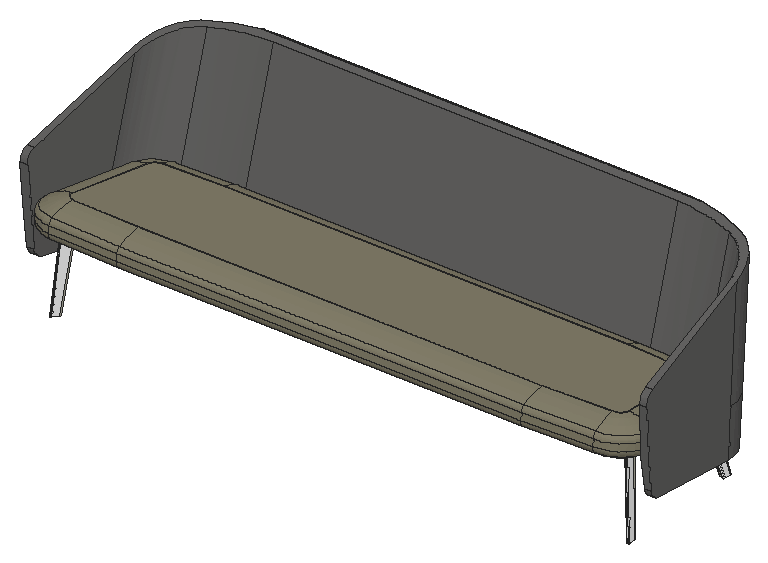
Revit family "Seating-Lounge-Teknion-STRC_Cover-R2013", category Furniture, Revit 2013 (continued)
Automatic sketch dimensions
  Blend 8 sketch curve to Blend 8 sketch curve = 0.1334"
  Blend 8 sketch curve to Blend 8 sketch curve = 0.15553"
  Blend 8 sketch curve to Blend 8 sketch curve = 0.02701"
  Blend 9 sketch curve to Blend 9 sketch curve = 0.05027"
  Blend 9 sketch curve to Blend 9 sketch curve = 0.1557"
  Blend 9 sketch curve to Blend 9 sketch curve = 0.07278"
  Blend 9 sketch curve to Blend 9 sketch curve = 0.09159"
  Blend 9 sketch curve to Blend 9 sketch curve = 0.04168"
  Blend 9 sketch curve to Blend 9 sketch curve = 0.11437"  (x2)
  Blend 9 sketch curve to Blend 9 sketch curve = 0.0953"
  Blend 9 sketch curve to Blend 9 sketch curve = 0.17686"
  Blend 9 sketch curve to Blend 9 sketch curve = 0.11924"
  Blend 9 sketch curve to Blend 9 sketch curve = 0.11542"
  Blend 9 sketch curve to Blend 9 sketch curve = 0.04597"
  Blend 9 sketch curve to Blend 9 sketch curve = 0.06556"
  Blend 9 sketch curve to Blend 9 sketch curve = 0.20308"
  Blend 9 sketch curve to Blend 9 sketch curve = 0.06964"
  Blend 9 sketch curve to Blend 9 sketch curve = 0.09494"
  Blend 9 sketch curve to Blend 9 sketch curve = 0.0539"
  Blend 9 sketch curve to Blend 9 sketch curve = 0.14918"
  Blend 9 sketch curve to Blend 9 sketch curve = 0.05424"
  Blend 9 sketch curve to Blend 9 sketch curve = 0.1243"
  Blend 9 sketch curve to Blend 9 sketch curve = 0.23069"
  Blend 9 sketch curve to Blend 9 sketch curve = 0.1334"
  Blend 9 sketch curve to Blend 9 sketch curve = 0.15553"
  Blend 9 sketch curve to Blend 9 sketch curve = 0.02701"
  plane 13 "Right" to Masking region 1 sketch curve = 0.05386"
  Masking region 1 sketch curve to plane 7 "Back" = 2.01368"
  plane 13 "Right" to Masking region 1 sketch curve = 0.15897"
  Masking region 1 sketch curve to Masking region 1 sketch curve = 1.02836"
  plane 1 "Center F/B" to Masking region 1 sketch curve = 10.32743"
  Masking region 1 sketch curve to Masking region 1 sketch curve = 0.24163"  (x2)
  Masking region 1 sketch curve to Masking region 1 sketch curve = 0.11165"  (x2)
  plane 13 "Right" to Masking region 1 sketch curve = 1.82303"
  plane 13 "Right" to Masking region 1 sketch curve = 6.35563"
  plane 12 "Left" to Masking region 1 sketch curve = 6.35563"
  plane 12 "Left" to Masking region 1 sketch curve = 1.82303"
  plane 12 "Left" to Masking region 1 sketch curve = 0.05386"
  Masking region 1 sketch curve to plane 13 "Right" = 7.3081"
  Masking region 1 sketch curve to Masking region 1 sketch curve = 0.00038"
  plane 13 "Right" to Masking region 1 sketch curve = 0.22453"
  Masking region 1 sketch curve to Masking region 1 sketch curve = 0.0709"  (x2)
  plane 13 "Right" to Masking region 1 sketch curve = 9.47457"
  Masking region 1 sketch curve to plane 8 "Front" = 0.4341"  (x2)
  plane 12 "Left" to Masking region 1 sketch curve = 9.47457"
  plane 12 "Left" to Masking region 1 sketch curve = 0.22452"
  plane 12 "Left" to Masking region 1 sketch curve = 0.15926"
  Masking region 1 sketch curve to Masking region 1 sketch curve = 0.00001"
  Masking region 1 sketch curve to Masking region 1 sketch curve = 0.00039"
  Masking region 1 sketch curve to plane 12 "Left" = 7.3081"
  Masking region 1 sketch curve to Masking region 1 sketch curve = 6.33195"
  Masking region 1 sketch curve to Masking region 1 sketch curve = 0.37704"
  Masking region 1 sketch curve to Masking region 1 sketch curve = 0.43826"
  Masking region 1 sketch curve to Masking region 1 sketch curve = 0.54817"
  curve 31 to curve 70 = 0.000"  (x2)
  curve 35 to curve 69 = 0.000"  (x2)
  plane 13 "Right" to curve 18 = 2.56036"
  curve 2 to plane 7 "Back" = 4.3351"
  plane 13 "Right" to curve 10 = 2.56036"
  curve 86 to curve 85 = 0.11437"
  curve 84 to curve 85 = 0.04159"
  curve 86 to curve 87 = 0.11437"
  curve 86 to curve 88 = 0.02528"
  curve 84 to curve 83 = 0.04168"
  curve 89 to plane 8 "Front" = 3.7308"
  curve 49 to curve 48 = 0.21199"
  curve 49 to curve 51 = 0.07278"
  curve 49 to curve 48 = 0.11437"
  curve 49 to curve 45 = 0.00833"
  curve 77 to curve 78 = 0.14918"
  curve 51 to curve 51 = 0.11851"
  curve 79 to curve 78 = 0.05424"
  curve 52 to curve 53 = 0.13348"
  curve 77 to curve 76 = 0.14918"
  curve 79 to plane 8 "Front" = 4.61191"
  curve 81 to plane 8 "Front" = 4.66105"
  curve 76 to curve 75 = 0.0539"
  curve 48 to curve 53 = 0.68059"
  curve 53 to curve 47 = 0.01037"
  curve 48 to curve 61 = 1.00607"
  curve 61 to curve 65 = 0.09494"
  curve 82 to curve 75 = 0.0539"
  curve 64 to curve 45 = 0.15848"
  curve 64 to curve 65 = 0.06964"
  curve 82 to curve 81 = 0.11947"
  curve 63 to curve 62 = 0.17371"
  curve 43 to plane 1 "Center F/B" = 5.66556"
  curve 46 to curve 47 = 0.07908"
  curve 53 to curve 9 = 2.92577"
  curve 8 to curve 1 = 0.0504"
  curve 1 to curve 7 = 0.0504"
  curve 2 to curve 27 = 3.13618"
  curve 55 to curve 27 = 2.32605"
  curve 21 to plane 1 "Center F/B" = 5.66556"
  curve 20 to curve 56 = 0.88407"
  curve 34 to curve 35 = 0.97806"
  curve 59 to curve 60 = 0.17371"
  curve 21 to curve 23 = 0.1867"
  curve 33 to curve 32 = 0.06556"
  curve 59 to curve 60 = 0.06964"
  curve 60 to curve 57 = 0.09494"
  curve 55 to curve 27 = 0.78858"
  curve 55 to curve 30 = 0.01037"
  curve 32 to curve 32 = 0.78062"
  curve 34 to plane 8 "Front" = 4.66105"
  curve 37 to plane 8 "Front" = 4.63589"
  curve 31 to curve 36 = 0.1586"
  curve 68 to plane 8 "Front" = 4.61191"
  curve 36 to curve 66 = 0.04448"
  curve 30 to curve 27 = 0.2104"
  curve 68 to curve 68 = 0.06964"
  curve 29 to curve 28 = 0.13348"
  curve 67 to curve 66 = 0.09494"
  curve 30 to curve 23 = 0.78663"
  curve 25 to curve 26 = 0.00834"
  curve 27 to curve 28 = 0.04159"
  curve 27 to curve 26 = 0.11437"
  curve 37 to curve 42 = 0.09418"
  curve 38 to curve 39 = 0.11487"
  curve 42 to curve 36 = 0.08908"
  curve 36 to curve 41 = 0.02529"
  curve 39 to curve 39 = 0.11851"
  curve 39 to curve 41 = 0.07278"
  plane 12 "Left" to curve 19 = 2.56036"
  curve 16 to curve 8 = 1.21365"
  plane 13 "Right" to curve 11 = 1.16432"
  curve 11 to curve 11 = 0.0113"
  curve 10 to curve 11 = 0.00001"
  curve 11 to curve 12 = 0.14823"
  curve 11 to curve 11 = 0.10759"
  curve 12 to curve 18 = 0.27118"
  curve 12 to curve 12 = 0.372"
  curve 17 to curve 18 = 0.03371"
  curve 51 to curve 50 = 0.04159"
  curve 52 to curve 52 = 0.0918"
  curve 76 to curve 88 = 0.04314"
  curve 89 to plane 8 "Front" = 4.63335"
  curve 54 to curve 53 = 0.09159"
  curve 61 to curve 45 = 0.01112"
  curve 64 to curve 64 = 0.14918"
  curve 64 to curve 63 = 0.06964"
  curve 45 to curve 44 = 0.13831"
  curve 46 to curve 46 = 0.0539"
  curve 62 to plane 1 "Center F/B" = 6.18744"
  curve 62 to curve 17 = 1.69433"
  curve 8 to curve 74 = 0.35932"
  curve 17 to plane 1 "Center F/B" = 1.51055"
  curve 43 to curve 17 = 2.83533"
  curve 6 to curve 72 = 0.02648"
  curve 13 to plane 1 "Center F/B" = 1.51055"
  curve 13 to curve 21 = 2.8352"
  curve 72 to curve 2 = 0.35932"
  curve 13 to curve 56 = 1.69433"
  curve 20 to curve 56 = 0.02652"
  curve 56 to curve 20 = 0.11828"
  curve 22 to curve 23 = 0.1328"
  curve 59 to curve 59 = 0.11947"
  curve 59 to curve 58 = 0.06964"
  curve 23 to curve 57 = 0.01638"
  curve 33 to curve 33 = 0.11947"
  curve 55 to curve 24 = 0.10196"
  curve 35 to curve 69 = 0.01429"
  curve 31 to curve 36 = 0.1047"
  curve 35 to curve 67 = 0.06964"
  curve 29 to curve 28 = 0.04168"
  curve 25 to curve 25 = 0.11437"
  curve 38 to curve 39 = 0.04168"
  curve 40 to curve 40 = 0.04159"
  curve 19 to curve 13 = 0.03371"
  plane 12 "Left" to curve 5 = 1.69584"
  curve 19 to curve 4 = 0.08259"
  curve 5 to curve 5 = 0.372"
  curve 4 to curve 4 = 0.10759"
  curve 4 to curve 3 = 0.00001"
  curve 5 to curve 4 = 0.14823"
  curve 4 to curve 4 = 0.0113"
  plane 8 "Front" to curve 6 = 2.93199"
  curve 6 to curve 14 = 1.21365"
  curve 9 to curve 53 = 1.91254"
  curve 28 to curve 28 = 0.04597"
  curve 53 to curve 47 = 0.01635"
  curve 24 to curve 55 = 0.01636"
  curve 24 to curve 26 = 0.23884"
  curve 26 to curve 23 = 0.0325"
  curve 65 to curve 62 = 0.04914"
  curve 63 to curve 65 = 0.02701"
  curve 59 to curve 56 = 0.04914"
  curve 62 to curve 47 = 0.01191"
  curve 55 to curve 21 = 0.18006"
  curve 61 to curve 45 = 0.04481"
  curve 57 to curve 23 = 0.05407"
  curve 57 to curve 3 = 0.2581"
  curve 61 to curve 10 = 0.26053"
  curve 18 to curve 17 = 0.68453"
  curve 19 to curve 13 = 0.68453"
  curve 31 to curve 36 = 0.03256"
  curve 66 to curve 67 = 0.15553"
  curve 37 to curve 39 = 0.01842"
  plane 7 "Back" to curve 12 = 60.43928"
  plane 7 "Back" to curve 5 = 60.43928"
  curve 72 to curve 2 = 1.38695"
  curve 74 to curve 8 = 1.38695"
  curve 4 to curve 42 = 0.64326"
  curve 11 to curve 86 = 0.64326"
  curve 4 to curve 4 = 0.2286"
  curve 11 to curve 11 = 0.2286"
  curve 4 to curve 3 = 0.00002"
  curve 11 to curve 10 = 0.00002"
  curve 19 to curve 4 = 0.55356"
  curve 18 to curve 12 = 0.55356"
  plane 13 "Right" to curve 73 = 1.64475"
  curve 73 to plane 7 "Back" = 2.94815"
  curve 73 to curve 73 = 1.62986"
  curve 71 to plane 7 "Back" = 2.94815"
  plane 12 "Left" to curve 71 = 7.95181"
  plane 12 "Left" to curve 71 = 1.64475"
  curve 71 to plane 1 "Center F/B" = 5.90766"
  curve 21 to plane 1 "Center F/B" = 5.96611"
  curve 43 to plane 1 "Center F/B" = 5.96617"
